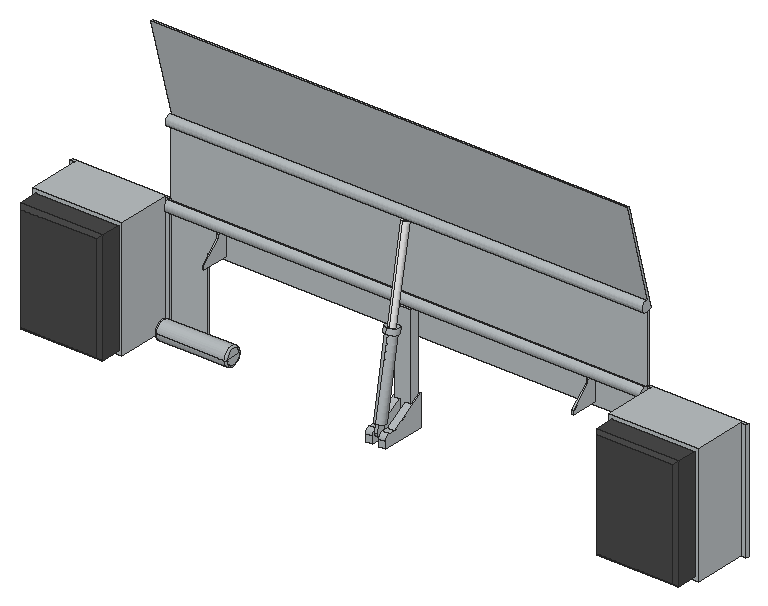
Revit family "DockEquipment_Leveler_Pentalift_EDH", category Specialty Equipment, host Face, Revit 2023
Family settings
  Host = Face
  Round Connector Dimension = Use Diameter
  Part Type = Normal
  Enable Cutting in Views = No
  Cut with Voids When Loaded = No
  Maintain Annotation Orientation = No
  Shared = No
  Room Calculation Point = No
Parameters
  YTotal [instance] = InclHeight + Unit Depth - 0' 2 1/4"  # 2' - 2 1/2"
  XDim [instance] = (((Platform Length - 0' 0 3/4") * cos(Incline Angle)) + (0' 0 1/4" * sin(Incline Angle))) - 0' 6" + 0' 0 3/4"  # -0' - 5"
  Warranty Duration (Years) = 0
  Unit Width = 6' - 0"
  Unit Depth = 1' - 6"
  URL = "http://www.pentalift.com/index.php"
  Test Data = ""
  Specification = ""
  SpecWizard = ""
  Send Message = "http://www.arcat.com/users.pl?action=UserEmail&company=Pentalift Equipment Corp.&coid=34752&rep=119&fax=519-763-2894&mf="
  Sales Information = "http://www.pentalift.com/about-us.htm"
  Revision = "R1_1_2012"
  Product Properties = ""
  Product Data = "http://www.arcat.com/arcatcos/cos34/arc34752.html"
  Pit Length = 1' - 0"
  PistonAngle [instance] = if(PA < 0.00°, (90.00° - abs(PA)) + 90.00°, PA)  # 100.685°
  Piston Length [instance] = abs(XDim / cos(PA))  # 2' - 2.96757"
  PL/2 [instance] = Piston Length / 2  # 1' - 1.48379"
  Platform Length = 0' - 11 1/2"
  PA [instance] = atan(YTotal / XDim)  # -79.3151°
  Model = "As Specified"
  Material = Metal - Steel - Pentalift - Painted - Gray
  Manufacturer Website = "http://www.pentalift.com/index.php"
  Manufacturer Phone - Toll Free = ""
  Manufacturer Phone = "519-763-3625"
  Manufacturer Fax = "519-763-2894"
  Manufacturer Address = "21 Nicholas Beaver Rd. Guelph, ON, Canada N1H 6H9 "
  Manufacturer = "Pentalift Equipment Corp."
  Maintenance Schedule (Months) = 0
  Lip Length [instance] = 1' - 4"
  Lip Angle [instance] = 0.00°
  Keynote = "11160"
  Installation-Fabrication = ""
  Installation Phase = ""
  Incline Angle [instance] = 90.00°
  InclHeight [instance] = ((Platform Length - 0' 0 3/4") * sin(Incline Angle)) - (0' 0 1/4" * cos(Incline Angle))  # 0' - 10 3/4"
  Green Building-LEED = ""
  Pit Extension Right [instance] = 1' - 3"
  Pit Extension Left [instance] = 1' - 3"
  Expected Lifespan (Years) = 0
  Drawn By = "Sumex Design, Inc. / Robert S. Weygant, CSI, CDT, SCIP"
  Description = "Pentalift Dock Equipment as Specified"
  Default Elevation = 4' - 0"
  Copyright = "©Arcat Inc."
  Construction Details = "http://www.arcat.com/details/pentalif/pentalif.html?coid=34752"
  Capacity (Weight) = 100.00 kip
  Building Codes = ""
  Assembly Code = "E1030300"
Reference planes (in)
  plane 1 "Center (Front/Back)": y = 0
  plane 2: z = 0
  plane 3 "Center (Left/Right)": x = 0
  plane 4: y = 6
  plane 5: y = -6
  plane 6: x = -36
  plane 7: x = 36
  plane 8: z = -18
  plane 9: x = -28
  plane 10: x = 28
  plane 11: y = 0
  plane 12: z = -16.5
  plane 13: z = -14
  plane 14: x = -51
  plane 15: x = 51
Forms (in)
  Extrusion 1, void
    sketch origin (0, 0, 0) x (1, 0, 0) y (0, 1, 0)
      loop
        line (-51, -6) -> (51, -6) -> (51, 6) -> (-51, 6) -> (-51, -6)
    from 0 to -18
  Revolve 2, solid, material "Metal - Steel - Pentalift - Painted - Gray" <- "Material"
    sketch origin (0, 0, -16.5) x (0, 0.185408, 0.982662) y (0, -0.982662, 0.185408)
      loop
        line (1.25, 0) -> (13.48379, 0) -> (13.48379, 1) -> (12.73379, 1) -> (12.73379, 0.75) -> (1.25, 0.75) -> (1.25, 0)
      axis (1.25, 0) -> (13.48379, 0)
    angle from 0 to 360
  Revolve 3, solid, material "Metal - Chrome - Pentalift - Polished"
    sketch origin (0, 0, -16.5) x (0, 0.185408, 0.982662) y (0, -0.982662, 0.185408)
      loop
        line (13.48379, 0) -> (26.96757, 0) -> (26.96757, 0.5) -> (13.48379, 0.5) -> (13.48379, 0)
      axis (13.48379, 0) -> (26.96757, 0)
    angle from 0 to 360
  Extrusion 4, solid, material "Metal - Steel - Pentalift - Painted - Gray" <- "Material"
    sketch origin (-11.83813, 6, 48) x (-1, 0, 0) y (0, 0, 1)
      loop
        line (24.16187, -49.5) -> (-47.83813, -49.5) -> (-47.83813, -53.5) -> (18.66187, -53.5) -> (18.66187, -66) -> (24.16187, -66) -> (24.16187, -49.5)
    from 0 to -0.25
  Extrusion 5, solid, material "Metal - Steel - Pentalift - Painted - Gray" <- "Material"
    sketch origin (0, 0, 0) x (0, 1, 0) y (0, 0, 1)
      loop
        line (6, -18) -> (6, -13.26748) -> (1.06106, -16.1875) -> (0.1875, -16.1875)
        arc (0.1875, -16.1875) -> (-0.34283, -16.40717) -> (-0.5625, -16.9375) r 0.75
        line (-0.5625, -16.9375) -> (-0.5625, -18) -> (6, -18)
    from 0.5 to 1.5
  Sweep 6, solid, material "Metal - Steel - Pentalift - Painted - Gray" <- "Material"
    path origin (6.16187, 6, 48) x (-1, 0, 0) y (0, 0, 1)
      loop
        line (6.16187, -66) -> (6.16187, -49.5)
    profile origin (0, 6, -9.75) x (1, 0, 0) y (0, 1, 0)
      loop
        line (-1.25, -0.25) -> (-1.25, -1.5) -> (1.25, -1.5) -> (1.25, -0.25) -> (-1.25, -0.25)
  Extrusion 7, solid, material "Metal - Steel - Pentalift - Painted - Gray" <- "Material"
    sketch origin (0, 0, -16.5) x (0, 0.185408, 0.982662) y (0, -0.982662, 0.185408)
      loop
        line (1.25, 0.5) -> (0, 0.5)
        arc (0, 0.5) -> (-0.5, 0) -> (0, -0.5) r 0.5
        line (0, -0.5) -> (1.25, -0.5) -> (1.25, 0.5)
    from -0.25 to 0.25
  Extrusion 8, solid, material "Metal - Steel - Pentalift - Painted - Gray" <- "Material"
    sketch origin (0, 0, 0) x (0, 1, 0) y (0, 0, 1)
      loop
        line (6, -18) -> (6, -13.26748) -> (1.06106, -16.1875) -> (0.1875, -16.1875)
        arc (0.1875, -16.1875) -> (-0.34283, -16.40717) -> (-0.5625, -16.9375) r 0.75
        line (-0.5625, -16.9375) -> (-0.5625, -18) -> (6, -18)
    from -0.5 to -1.5
  Revolve 9, solid, material "Metal - Steel - Pentalift - Painted - Gray" <- "Material"
    sketch origin (19.5, -180, -14) x (-1, 0, 0) y (0, -1, 0)
      loop
        line (41.5, -180) -> (41.5, -181.125)
        arc (41.5, -181.125) -> (41.57322, -181.30178) -> (41.75, -181.375) r 0.25
        line (41.75, -181.375) -> (52, -181.375)
        arc (52, -181.375) -> (52.17678, -181.30178) -> (52.25, -181.125) r 0.25
        line (52.25, -181.125) -> (52.25, -180) -> (41.5, -180)
      axis (41.5, -180) -> (52.25, -180)
    angle from 0 to 360
  Extrusion 10, solid, material "Metal - Steel - Pentalift - Painted - Gray" <- "Material"
    sketch origin (28, 60, 48) x (0, 1, 0) y (0, 0, 1)
      loop
        line (-54.25, -53) -> (-54.25, -49.5) -> (-55.5, -49.5) -> (-55.5, -50) -> (-58.28679, -52.50924) -> (-58.28679, -53) -> (-54.25, -53)
    from 0 to -0.25
  Extrusion 11, solid, material "Metal - Steel - Pentalift - Painted - Gray" <- "Material"
    sketch origin (-28, 60, 48) x (0, 1, 0) y (0, 0, 1)
      loop
        line (-54.25, -53) -> (-54.25, -49.5) -> (-55.5, -49.5) -> (-55.5, -50) -> (-58.28679, -52.50924) -> (-58.28679, -53) -> (-54.25, -53)
    from 0 to 0.25
  Extrusion 12, solid, material "Metal - Steel - Pentalift - Painted - Gray" <- "Material"
    sketch origin (0, 0, 0) x (1, 0, 0) y (0, 1, 0)
      loop
        line (-51, 6) -> (-51, 5.5) -> (-50.25, 5.5) -> (-50.25, -2.5) -> (-36.75, -2.5) -> (-36.75, 5.5) -> (-36, 5.5) -> (-36, 6) -> (-51, 6)
      loop
        line (51, 6) -> (36, 6) -> (36, 5.5) -> (36.75, 5.5) -> (36.75, -2.5) -> (50.25, -2.5) -> (50.25, 5.5) -> (51, 5.5) -> (51, 6)
    from 0 to -18
  Sweep 13, solid, material "Rubber - Pentalift - Black"
    path in 3D
      loop
        line (-36.75, -2.5, 0) -> (-36.75, -2.5, -18) -> (-50.25, -2.5, -18) -> (-50.25, -2.5, 0) -> (-36.75, -2.5, 0)
    profile origin (-43.5, -2.5, 0) x (0, 1, 0) y (0, 0, 1)
      loop
        line (0, -0.5) -> (-3, -0.5) -> (-3.5, -1) -> (-3.5, -3) -> (0, -3) -> (0, -0.5)
  Sweep 14, solid, material "Rubber - Pentalift - Black"
    path in 3D
      loop
        line (50.25, -2.5, 0) -> (50.25, -2.5, -18) -> (36.75, -2.5, -18) -> (36.75, -2.5, 0) -> (50.25, -2.5, 0)
    profile origin (43.5, -2.5, 0) x (0, 1, 0) y (0, 0, 1)
      loop
        line (0, -0.5) -> (-3, -0.5) -> (-3.5, -1) -> (-3.5, -3) -> (0, -3) -> (0, -0.5)
  Extrusion 15, solid, material "Rubber - Pentalift - Black"
    sketch origin (-36.75, -2.5, 0) x (-1, 0, 0) y (0, 0, -1)
      loop
        line (10.5, 3) -> (10.5, 15) -> (3, 15) -> (3, 3) -> (10.5, 3)
      loop
        line (-76.5, 15) -> (-84, 15) -> (-84, 3) -> (-76.5, 3) -> (-76.5, 15)
    from 0 to 3.5
Cuts and joins
  joined: Extrusion 4, Extrusion 5, Sweep 6, Extrusion 8, Extrusion 10, Extrusion 11
  joined: Revolve 2, Extrusion 7
  joined: Sweep 13, Sweep 14, Extrusion 15
Lines and regions (in)
  reference lines
    curve 1: line (0, 5.25, -0.75) -> (0, 5.25, 75.25)
    curve 2: line (0, 0, -16.5) -> (0, 9.82662, 35.58107)
  sketch lines
    curve 3: line (-50.25, -2.5, 0) -> (-36.75, -2.5, 0)
    curve 4: line (-36.75, -2.5, 0) -> (-36.75, -2.5, -18)
    curve 5: line (-36.75, -2.5, -18) -> (-50.25, -2.5, -18)
    curve 6: line (-50.25, -2.5, 0) -> (-50.25, -2.5, -18)
    curve 7: line (36.75, -2.5, 0) -> (50.25, -2.5, 0)
    curve 8: line (36.75, -2.5, 0) -> (36.75, -2.5, -18)
    curve 9: line (50.25, -2.5, -18) -> (36.75, -2.5, -18)
    curve 10: line (50.25, -2.5, 0) -> (50.25, -2.5, -18)
Text (in)
  text "Needs electrical connection - assume this would connect to hydraulic motor..." at (51.60765, 15.26914, 0), in view "Ref. Level"
Dimensions and locks (in)
  "Unit Depth": level to plane 8
  equal spacing: plane 4, plane 1 "Center (Front/Back)", plane 5
  equal spacing: plane 6, plane 3 "Center (Left/Right)", plane 7
  "Unit Width": plane 6 to plane 7
  locked: plane 6 to plane 9 at 8
  locked: plane 4 to plane 11 at 6
  locked: plane 12 to plane 8 at 1.5
  locked: plane 10 to plane 7 at 8
  "PL/2": curve 2 to Revolve 2 sketch curve
  locked: Revolve 2 sketch curve to Revolve 2 sketch curve at 0.75
  "PL/2": Revolve 3 sketch curve to curve 2
  "Piston Length": curve 2 to Revolve 3 sketch curve
  locked: plane 13 to plane 12 at 2.5
  "Pit Length": plane 4 to plane 5
  "Pit Extension Right": plane 7 to plane 15
  "Pit Extension Left": plane 14 to plane 6
  locked: plane 4 to curve 1 at 0.75
  locked: level to curve 1 at 0.75
  plane 15 to Extrusion 15 sketch curve to Extrusion 15 sketch curve = 0' - 3 3/4" locked, 0' - 7 1/2" locked
  "Incline Angle": angle level to curve 1
  "PistonAngle": angle plane 12 to curve 2
  aligned and locked: plane 2 to host face
  aligned and locked: level to host face
  aligned and locked: Extrusion 1 to plane 8
  aligned and locked: Extrusion 12 to plane 8
Automatic sketch dimensions
  host sketch curve to host sketch curve = 9' - 9.36358"
  host sketch curve to host sketch curve = 2' - 5.73628"
  Extrusion 1 sketch curve to plane 4 = 0' - 0"
  Extrusion 1 sketch curve to plane 14 = 0' - 0"
  Extrusion 1 sketch curve to plane 5 = 0' - 0"
  Extrusion 1 sketch curve to plane 15 = 0' - 0"
  curve 2 to plane 11 = 0' - 0"
  curve 2 to plane 12 = 0' - 0"
  Revolve 3 sketch curve to curve 2 = 0' - 0"  (x2)
  Revolve 3 sketch curve to curve 2 = 0' - 1"
  Revolve 3 sketch curve to Revolve 3 sketch curve = 0' - 5 1/2"
  Revolve 3 sketch curve to Revolve 3 sketch curve = 0' - 0 1/2"
  Sweep 6 sketch curve to plane 3 "Center (Left/Right)" = 0' - 0"
  Sweep 6 sketch curve to plane 8 = 0' - 0"
  Sweep 6 sketch curve to level = 0' - 1 1/2"
  profile plane to Sweep 6 sketch curve = 0' - 1 1/4"
  Sweep 6 sketch curve to profile plane = 0' - 1 1/4"
  Sweep 6 sketch curve to plane 4 = 0' - 1 1/2"
  Sweep 6 sketch curve to plane 4 = 0' - 0 1/4"
  Extrusion 5 sketch curve to plane 8 = 0' - 0"
  Revolve 2 sketch curve to curve 2 = 0' - 0"  (x2)
  curve 2 to Revolve 2 sketch curve = 0' - 1 1/4"
  Revolve 2 sketch curve to curve 2 = 0' - 1"
  Revolve 2 sketch curve to Revolve 2 sketch curve = 0' - 5 1/2"
  curve 2 to Revolve 2 sketch curve = 0' - 0 3/4"
  Revolve 2 sketch curve to Revolve 2 sketch curve = 0' - 0 1/4"
  plane 12 to Extrusion 5 sketch curve = 0' - 0 5/16"
  Extrusion 5 sketch curve to plane 11 = 0' - 1.06106"
  plane 13 to Extrusion 5 sketch curve = 0' - 0.73252"
  Extrusion 5 sketch curve to plane 11 = 0' - 0 3/16"
  plane 8 to Extrusion 5 sketch curve = 0' - 1 1/16"
  Extrusion 5 sketch curve to plane 4 = 0' - 0"
  Extrusion 8 sketch curve to plane 8 = 0' - 0"
  Extrusion 8 sketch curve to plane 11 = 0' - 0 3/16"
  Extrusion 8 sketch curve to plane 4 = 0' - 0"
  plane 8 to Extrusion 8 sketch curve = 0' - 1 1/16"
  plane 11 to Extrusion 8 sketch curve = 0' - 0 9/16"
  Extrusion 8 sketch curve to Extrusion 8 sketch curve = 0' - 0.87356"
  plane 13 to Extrusion 8 sketch curve = 0' - 0.73252"
  Extrusion 7 sketch curve to curve 2 = 0' - 0"  (x3)
  Extrusion 7 sketch curve to curve 2 = 0' - 0 1/2"
  Extrusion 7 sketch curve to Extrusion 7 sketch curve = 0' - 1 1/4"
  Extrusion 4 sketch curve to plane 9 = 0' - 2 1/2"
  Extrusion 4 sketch curve to level = 0' - 1 1/2"
  Extrusion 4 sketch curve to plane 6 = 0' - 0"
  Extrusion 4 sketch curve to Extrusion 4 sketch curve = 0' - 4"
  Extrusion 4 sketch curve to plane 8 = 0' - 0"
  Extrusion 4 sketch curve to plane 7 = 0' - 0"
  Revolve 9 sketch curve to plane 1 "Center (Front/Back)" = 0' - 0"  (x2)
  plane 9 to Revolve 9 sketch curve = 0' - 7 1/4"
  Revolve 9 sketch curve to Revolve 9 sketch curve = 0' - 1 1/4"
  Revolve 9 sketch curve to Revolve 9 sketch curve = 0' - 0 1/4"  (x2)
  Revolve 9 sketch curve to plane 1 "Center (Front/Back)" = 0' - 1 3/8"
  plane 6 to Revolve 9 sketch curve = 0' - 3 1/2"
  Revolve 9 sketch curve to plane 6 = 0' - 1"
  Extrusion 10 sketch curve to plane 1 "Center (Front/Back)" = 0' - 1.71321"
  Extrusion 10 sketch curve to plane 4 = 0' - 1 1/2"
  Extrusion 10 sketch curve to plane 4 = 0' - 0 1/4"
  Extrusion 10 sketch curve to level = 0' - 5"
  Extrusion 10 sketch curve to Extrusion 10 sketch curve = 0' - 0.49076"
  Extrusion 10 sketch curve to level = 0' - 2"
  Extrusion 10 sketch curve to Extrusion 10 sketch curve = 0' - 0 1/2"
  Extrusion 11 sketch curve to plane 1 "Center (Front/Back)" = 0' - 1.71321"
  Extrusion 11 sketch curve to plane 4 = 0' - 1 1/2"
  Extrusion 11 sketch curve to plane 4 = 0' - 0 1/4"
  Extrusion 11 sketch curve to level = 0' - 5"
  Extrusion 11 sketch curve to Extrusion 11 sketch curve = 0' - 0.49076"
  Extrusion 11 sketch curve to level = 0' - 2"
  Extrusion 11 sketch curve to Extrusion 11 sketch curve = 0' - 0 1/2"
  Extrusion 12 sketch curve to plane 4 = 0' - 0"  (x2)
  Extrusion 12 sketch curve to plane 14 = 0' - 0"
  Extrusion 12 sketch curve to plane 6 = 0' - 0"
  Extrusion 12 sketch curve to plane 7 = 0' - 0"
  Extrusion 12 sketch curve to plane 15 = 0' - 0"
  plane 14 to Extrusion 12 sketch curve = 0' - 0 3/4"
  Extrusion 12 sketch curve to plane 6 = 0' - 0 3/4"
  plane 7 to Extrusion 12 sketch curve = 0' - 0 3/4"
  Extrusion 12 sketch curve to plane 15 = 0' - 0 3/4"
  Extrusion 12 sketch curve to plane 4 = 0' - 0 1/2"  (x3)
  Extrusion 12 sketch curve to Extrusion 12 sketch curve = 0' - 0 1/2"
  plane 1 "Center (Front/Back)" to Extrusion 12 sketch curve = 0' - 2 1/2"  (x2)
  Sweep 13 sketch curve to profile plane = 0' - 0"
  Sweep 13 sketch curve to profile plane = 0' - 0 1/2"
  profile plane to Sweep 13 sketch curve = 0' - 3"
  Sweep 13 sketch curve to Sweep 13 sketch curve = 0' - 0 1/2"  (x2)
  Sweep 13 sketch curve to profile plane = 0' - 3"
  Sweep 14 sketch curve to profile plane = 0' - 0"
  Sweep 14 sketch curve to profile plane = 0' - 0 1/2"
  profile plane to Sweep 14 sketch curve = 0' - 3"
  Sweep 14 sketch curve to Sweep 14 sketch curve = 0' - 0 1/2"  (x2)
  Sweep 14 sketch curve to Sweep 14 sketch curve = 0' - 2 1/2"
  Extrusion 12 to Extrusion 15 sketch curve = 0' - 3"  (x5)
  Extrusion 15 sketch curve to Extrusion 12 = 0' - 3"
Nested families (in)
  nested 1: "Platform_EOD" at (0, 5.25, 4.25) x (1, 0, 0) z (0, 1, 0), Material <- "Material", Unit Width <- "Unit Width", Unit Length <- "Platform Length", Lip Length <- "Lip Length", Lip Angle <- "Lip Angle", type "Platform_EOD"
    with offset 0' - 0", ll 1' - 3 1/4", Unit Width 6' - 0", Unit Length 0' - 11 1/2", Material Metal - Steel - Pentalift - Painted - Gray, Lip Length 1' - 4", Lip Angle 0.00°
Definition of nested family "Platform_EOD"
  Parameters
    offset [instance] = 0' - 0"
    ll [instance] = Lip Length - 0' 0 3/4"  # 1' - 3 1/4"
    Warranty Duration (Years) = 0
    Unit Width [instance] = 6' - 0"
    Unit Length [instance] = 0' - 11 1/2"
    Unit Depth = 0' - 6 1/4"
    URL = "http://www.pentalift.com/index.php"
    Specification = ""
    SpecWizard = ""
    Send Message = "http://www.arcat.com/users.pl?action=UserEmail&company=Pentalift Equipment Corp.&coid=34752&rep=119&fax=519-763-2894&mf="
    Sales Information = "http://www.pentalift.com/about-us.htm"
    Revision = "R1_01-2012"
    Product Properties = ""
    Product Data = "http://www.arcat.com/arcatcos/cos34/arc34752.html"
    Model = "As Specified"
    Material [instance] = none
    Manufacturer Website = "http://www.pentalift.com/index.php"
    Manufacturer Phone - Toll Free = ""
    Manufacturer Phone = "519-763-3625 "
    Manufacturer Fax = "519-763-2894"
    Manufacturer Address = "21 Nicholas Beaver Rd. Guelph, ON, Canada N1H 6H9 "
    Manufacturer = "Pentalift Equipment Corp."
    Maintenance Schedule (Months) = 0
    Lip Length [instance] = 1' - 4"
    Lip Angle [instance] = 15.00°
    Keynote = "11160"
    Installation-Fabrication = ""
    Installation Phase = ""
    Green Building-LEED = ""
    Expected Lifespan (Years) = 0
    Drawn By = "Sumex Design, Inc. / Robert S. Weygant, CSI, CDT, SCIP"
    Description = "Pentalift Dock Equipment as Specified"
    Default Elevation = 4' - 0"
    Copyright = "©Arcat Inc."
    Construction Details = "http://www.arcat.com/details/pentalif/pentalif.html?coid=34752"
    Assembly Code = "E1030300"
  Reference planes (in)
    plane 1 "Center (Front/Back)": y = 0
    plane 2 "Bottom": z = 0
    plane 3 "Center (Left/Right)": x = 0
    plane 4 "Front": y = -5.75
    plane 5 "Back": y = 5.75
    plane 6 "Left": x = -36
    plane 7 "Right": x = 36
    plane 8: y = -6.5
    plane 9: x = -28
    plane 10: x = -20
    plane 11: x = -12
    plane 12: x = -4
    plane 13: x = 4
    plane 14: x = 12
    plane 15: x = 20
    plane 16: x = 28
    plane 17: z = 0.75
    plane 18: y = 5
  Forms (in)
    Extrusion 1, solid, material <- "Material"
      sketch origin (0, 67, 0.75) x (0, 1, 0) y (-1, 0, 0)
        loop
          line (-61.5904, 36) -> (-72.75, 36) -> (-72.75, -36) -> (-61.5904, -36) -> (-61.5904, 36)
      from 0 to -0.25
    Extrusion 2, solid, material <- "Material"
      sketch origin (0, -6.5, 0.25) x (0, -0.965926, -0.258819) y (0, 0.258819, -0.965926)
        loop
          line (-0.75, -0.75) -> (15.25, -0.75) -> (15.25, -0.5) -> (0.55902, -0.5)
          arc (0.55902, -0.5) -> (0, 0.75) -> (-0.55902, -0.5) r 0.75
          line (-0.55902, -0.5) -> (-0.75, -0.5) -> (-0.75, -0.75)
      from -36 to 36
    Extrusion 3, solid, material <- "Material"
      sketch origin (-36, 16.34522, 48) x (0, 1, 0) y (0, 0, 1)
        loop
          circle (-11.34522, -48) r 0.75
      from 0 to 72
  Cuts and joins
    joined: Extrusion 1, Extrusion 3
  Lines and regions (in)
    reference lines
      curve 1: line (0, -6.5, 0.25) -> (0, -31.61407, -6.4793)
      curve 2: line (0, -6.5, 0.25) -> (0, -7.08234, 2.42333)
  Dimensions and locks (in)
    equal spacing: plane 6 "Left", plane 3 "Center (Left/Right)", plane 7 "Right"
    "Unit Width": plane 6 "Left" to plane 7 "Right"
    equal spacing: plane 5 "Back", plane 1 "Center (Front/Back)", plane 4 "Front"
    "Unit Length": plane 5 "Back" to plane 4 "Front"
    locked: plane 4 "Front" to plane 8 at 0.75
    equal spacing: plane 6 "Left", plane 9, plane 10, plane 11, plane 12, plane 13, plane 14, plane 15, plane 16, plane 7 "Right"
    locked: curve 1 to level at 0.25
    "ll": Extrusion 2 sketch curve to curve 2
    locked: curve 2 to Extrusion 2 sketch curve at 0.75
    locked: plane 17 to level at 0.75
    locked: plane 5 "Back" to plane 18 at 0.75
    aligned and locked: Extrusion 2 to plane 6 "Left"
    aligned and locked: plane 7 "Right" to Extrusion 2
    aligned and locked: plane 7 "Right" to Extrusion 3
  Automatic sketch dimensions
    curve 2 to curve 1 = 0' - 0"  (x2)
    curve 2 to curve 1 = 0' - 2 1/4"
    Extrusion 2 sketch curve to curve 1 = 0' - 0"  (x2)
    curve 1 to Extrusion 2 sketch curve = 0' - 0 1/2"
    curve 1 to Extrusion 2 sketch curve = 0' - 0 3/4"
    Extrusion 2 sketch curve to Extrusion 2 sketch curve = 0' - 0 1/4"
    Extrusion 2 sketch curve to Extrusion 2 sketch curve = 0' - 0"
    curve 1 to plane 8 = 0' - 0"
    plane 8 to curve 1 = 2' - 1.11407"
    Extrusion 1 sketch curve to plane 4 "Front" = 0' - 0"
    Extrusion 1 sketch curve to plane 5 "Back" = 0' - 0.3404"
    Extrusion 1 sketch curve to plane 7 "Right" = 0' - 0"
    Extrusion 1 sketch curve to plane 6 "Left" = 0' - 0"
    Extrusion 3 sketch curve to level = 0' - 0"
    Extrusion 3 sketch curve to plane 18 = 0' - 0"
    curve 1 to level = 0' - 6.4793"
    radius of Extrusion 2 sketch curve = 0' - 0 3/4"
    radius of Extrusion 3 sketch curve = 0' - 0 3/4"
